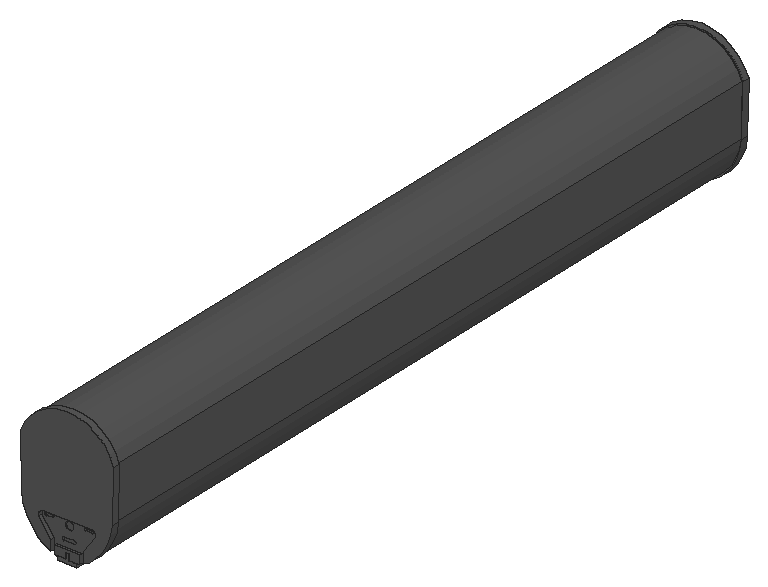
Revit family "Electronics_Desono_Biamp_Column-Line-Source-Loudspeaker_ENT-LF", category Communication Devices, host Face, Revit 2020
Family settings
  Host = Face
  Maintain Annotation Orientation = No
  Round Connector Dimension = Use Diameter
  Part Type = Normal
  OmniClass Number = 23.85.10.11.14.14.14
  Cut with Voids When Loaded = No
  Shared = No
  Room Calculation Point = No
Parameters (values of type "ENT-LF B")
  Width = 0' - 5.51181"  # constant formula
  Weight = 25.00 lbf  # constant formula
  URL = "https://www.biamp.com/"
  Typical SPL at 100 feet (30 meters) = "Dependent on LF confguration"  # constant formula
  Transducers = "LF: Six 3.5 drivers with optimized spacing, allows extension of the narrow vertical beamwidth into the lower frequencies"  # constant formula
  Required Accessories = "Digital Signal Processor / 200 Hz High Pass Filter"  # constant formula
  Recommended Amplifers = "600W - 1200W @ 12Ω (85V - 120V)"  # constant formula
  Product data url = "https://www.bimobject.com/biamp/product/ent-lf_desono-column-line-source"
  Product Page URL = "https://www.biamp.com/products/product-families/desono/line-source-loudspeakers#ent-lf"
  Product Documentation Link = "https://downloads.biamp.com/assets/docs/default-source/data-sheets/biamp_data_sheet_desono_ent-fr_ent-lf_may21.pdf"
  Operating Range = "200 Hz - 1.6 kHz"  # constant formula
  Operating Mode = "Passive"  # constant formula
  Operating Environment = "Indoor or outdoor direct exposure"  # constant formula
  Nominal Sensitivity = "90 dB"  # constant formula
  Nominal Maximum SPL (Single unit) = "116 dB"  # constant formula
  Nominal Beamwidth  (H x V) = "Using the LF column (s) enhances vertical pattern control at lower frequencies"  # constant formula
  Model = "ENT-LF B"
  Manufacturer = "Biamp"  # constant formula
  Input Connection = "Top: (1) Dual Banana (male); Bottom: (1) NL4 locking connector; (2) Terminal strip (1) Banana (female) "  # constant formula
  Included Accessories = "(1) T-Bar mounting bracket (1) Input wiring cover (1) Top connector cover"  # constant formula
  Housing Material = Biamp - Plastic - Black
  Height = 3' - 8.44882"  # constant formula
  Grill Material = Biamp - Plastic - Black(Grid)
  Environmental = "IP54 per IEC 60529, designed in accordance with MIL-STD-810G. Included; ABS plastic rain cover with integrated cable inlet and 1 (25.4 mm) knockout for conduit ingress"  # constant formula
  Description = "Desono™ ENT-LF Three-Way, Full-Range Column Line Source Loudspeaker"  # constant formula
  Depth = 0' - 7.3622"  # constant formula
  Default Elevation = 4' - 0"
  Continuous Power Handling Nominal Impedance = "85V, 600W @ 12Ω (2400W Peak)"  # constant formula
  Connector Description = "NL4MP-type jack; 85V 600W 12Ω (2400W peak)"  # constant formula
  Bracket Material = Biamp - Metal - Black
  Baffle Form = "Straight"  # constant formula
Types (3): name | Model | Housing Material | Grill Material | Bracket Material
  (no name) | "ENT-LF B" | Biamp - Plastic - Black | Biamp - Plastic - Black(Grid) | Biamp - Metal - Black
  ENT-LF B | "ENT-LF B" | Biamp - Plastic - Black | Biamp - Plastic - Black(Grid) | Biamp - Metal - Black
  ENT-LF W | "ENT-LF W" | Biamp - Plastic - White | Biamp - Plastic - White(Grid) | Biamp - Metal - White
Reference planes (in)
  plane 1 "Center (Front/Back)": y = 0
  plane 2: z = 0
  plane 3 "Center (Left/Right)": x = 0
Forms (in)
  Extrusion 1, solid, material "Biamp - Plastic - Black" <- "Housing Material", detail levels coarse
    sketch origin (0, 0, 0) x (1, 0, 0) y (0, 0, 1)
      loop
        arc (2.54493, 5.73723) -> (0, 7.55118) -> (-2.54493, 5.73723) r 2.69221
        line (-2.54493, 5.73723) -> (-2.48425, 2.8216)
        arc (-2.48425, 2.8216) -> (-2.19296, 1.76283) -> (-1.56913, 0.85912) r 3.28649
        arc (-1.56913, 0.85912) -> (-0.89698, 0.38897) -> (-0.099, 0.19909) r 2.19002
        line (-0.099, 0.19909) -> (-0.099, 0.51432) -> (0.099, 0.51432) -> (0.099, 0.19909)
        arc (0.099, 0.19909) -> (0.89698, 0.38897) -> (1.56913, 0.85912) r 2.19002
        arc (1.56913, 0.85912) -> (2.19296, 1.76283) -> (2.48425, 2.8216) r 3.28649
        line (2.48425, 2.8216) -> (2.54493, 5.73723)
    from -22.22441 to 22.22441
  Extrusion 2, solid, material "Biamp - Metal - Black" <- "Bracket Material"
    sketch origin (0, 0, 0) x (1, 0, 0) y (0, 0, 1)
      loop
        line (-0.54134, 0) -> (0, 0) -> (0.54134, 0) -> (0.54134, 0.19685) -> (0.099, 0.19685) -> (0.099, 0.51432) -> (0, 0.51432) -> (-0.099, 0.51432) -> (-0.099, 0.19685) -> (-0.54134, 0.19685) -> (-0.54134, 0)
    from -22.22441 to 22.22441
  Extrusion 3, solid, material "Biamp - Plastic - Black" <- "Housing Material", detail levels medium+fine
    sketch origin (0, 0, 0) x (1, 0, 0) y (0, 0, 1)
      loop
        line (-0.099, 0.51432) -> (0.099, 0.51432) -> (0.099, 0.19685) -> (0.59252, 0.19685)
        arc (0.59252, 0.19685) -> (1.14986, 0.43109) -> (1.62555, 0.8042) r 2.26876
        arc (1.62555, 0.8042) -> (2.26499, 1.73099) -> (2.56291, 2.81684) r 3.36523
        line (2.56291, 2.81684) -> (2.62394, 5.74953)
        arc (2.62394, 5.74953) -> (0, 7.62992) -> (-2.62394, 5.74953) r 2.77095
        line (-2.62394, 5.74953) -> (-2.56291, 2.81684)
        arc (-2.56291, 2.81684) -> (-2.26499, 1.73099) -> (-1.62555, 0.8042) r 3.36523
        arc (-1.62555, 0.8042) -> (-1.14986, 0.43109) -> (-0.59252, 0.19685) r 2.26876
        line (-0.59252, 0.19685) -> (-0.099, 0.19685) -> (-0.099, 0.51432)
    from 21.85039 to 22.22441
  Extrusion 4, solid, material "Biamp - Plastic - Black" <- "Housing Material", detail levels medium+fine
    sketch origin (0, 0, 0) x (1, 0, 0) y (0, 0, 1)
      loop
        line (-0.099, 0.51432) -> (0.099, 0.51432) -> (0.099, 0.19685) -> (0.59252, 0.19685)
        arc (0.59252, 0.19685) -> (1.14986, 0.43109) -> (1.62555, 0.8042) r 2.26876
        arc (1.62555, 0.8042) -> (2.26499, 1.73099) -> (2.56291, 2.81684) r 3.36523
        line (2.56291, 2.81684) -> (2.62394, 5.74953)
        arc (2.62394, 5.74953) -> (0, 7.62992) -> (-2.62394, 5.74953) r 2.77095
        line (-2.62394, 5.74953) -> (-2.56291, 2.81684)
        arc (-2.56291, 2.81684) -> (-2.26499, 1.73099) -> (-1.62555, 0.8042) r 3.36523
        arc (-1.62555, 0.8042) -> (-1.14986, 0.43109) -> (-0.59252, 0.19685) r 2.26876
        line (-0.59252, 0.19685) -> (-0.099, 0.19685) -> (-0.099, 0.51432)
    from -22.22441 to -21.85039
  Extrusion 5, solid, material "Biamp - Plastic - Black" <- "Housing Material", detail levels medium+fine
    sketch origin (0, 0, 0) x (1, 0, 0) y (0, 0, 1)
      loop
        line (2.54493, 5.73723) -> (-2.54493, 5.73723) -> (-2.48425, 2.8216)
        arc (-2.48425, 2.8216) -> (-2.19296, 1.76283) -> (-1.56913, 0.85912) r 3.28649
        arc (-1.56913, 0.85912) -> (-0.89698, 0.38897) -> (-0.099, 0.19909) r 2.19002
        line (-0.099, 0.19909) -> (-0.099, 0.51432) -> (0.099, 0.51432) -> (0.099, 0.19909)
        arc (0.099, 0.19909) -> (0.89698, 0.38897) -> (1.56913, 0.85912) r 2.19002
        arc (1.56913, 0.85912) -> (2.19296, 1.76283) -> (2.48425, 2.8216) r 3.28649
        line (2.48425, 2.8216) -> (2.54493, 5.73723)
    from -21.85039 to 21.85039
  Extrusion 6, solid, material "Biamp - Plastic - Black(Grid)" <- "Grill Material", detail levels medium+fine
    sketch origin (0, 0, 0) x (1, 0, 0) y (0, 0, 1)
      loop
        line (-2.54493, 5.73723) -> (-2.3357, 5.73723)
        arc (-2.3357, 5.73723) -> (0, 7.35433) -> (2.3357, 5.73723) r 2.49536
        line (2.3357, 5.73723) -> (2.54493, 5.73723)
        arc (2.54493, 5.73723) -> (0, 7.55118) -> (-2.54493, 5.73723) r 2.69221
    from -21.85039 to 21.85039
  Extrusion 7, void
    sketch origin (0, -22.22441, 0) x (-1, 0, 0) y (0, 0, 1)
      loop
        line (0.91846, 0.26312) -> (0.91846, 0.90288) -> (1.58512, 1.85251) -> (1.58512, 2.04936) -> (1.44593, 2.18855) -> (-1.44593, 2.18855) -> (-1.58512, 2.04936) -> (-1.58512, 1.85251) -> (-0.91846, 0.90288) -> (-0.91846, 0.26312)
        arc (-0.91846, 0.26312) -> (-0.81826, 0.22159) -> (-0.71619, 0.18491) r 2.26876
        line (-0.71619, 0.18491) -> (-0.71619, 0.6821) -> (0.71619, 0.6821) -> (0.71619, 0.18491)
        arc (0.71619, 0.18491) -> (0.81826, 0.22159) -> (0.91846, 0.26312) r 2.26876
    from 0 to 0.19685
  Extrusion 8, void
    sketch origin (0, -22.22441, 0) x (-1, 0, 0) y (0, 0, 1)
      loop
        circle (0, 1.81399) r 0.23622
      loop
        arc (1.30413, 1.88289) -> (1.38287, 1.96163) -> (1.30413, 2.04037) r 0.07874
        line (1.30413, 2.04037) -> (0.91043, 2.04037)
        arc (0.91043, 2.04037) -> (0.83169, 1.96163) -> (0.91043, 1.88289) r 0.07874
        line (0.91043, 1.88289) -> (1.30413, 1.88289)
      loop
        line (-0.27067, 0.9577) -> (0.27067, 0.9577)
        arc (0.27067, 0.9577) -> (0.38878, 1.07581) -> (0.27067, 1.19392) r 0.11811
        line (0.27067, 1.19392) -> (-0.27067, 1.19392)
        arc (-0.27067, 1.19392) -> (-0.38878, 1.07581) -> (-0.27067, 0.9577) r 0.11811
      loop
        arc (-0.91043, 1.88289) -> (-0.83169, 1.96163) -> (-0.91043, 2.04037) r 0.07874
        line (-0.91043, 2.04037) -> (-1.30413, 2.04037)
        arc (-1.30413, 2.04037) -> (-1.38287, 1.96163) -> (-1.30413, 1.88289) r 0.07874
        line (-1.30413, 1.88289) -> (-0.91043, 1.88289)
    from 0.19685 to 0.23597
  Extrusion 9, void
    sketch origin (0, -22.22441, 0) x (-1, 0, 0) y (0, 0, 1)
      loop
        arc (-0.27067, 1.19392) -> (-0.38878, 1.07581) -> (-0.27067, 0.9577) r 0.11811
        line (-0.27067, 0.9577) -> (0.27067, 0.9577)
        arc (0.27067, 0.9577) -> (0.38878, 1.07581) -> (0.27067, 1.19392) r 0.11811
        line (0.27067, 1.19392) -> (-0.27067, 1.19392)
    from 44.41675 to 44.63386
Cuts and joins
  Extrusion 7, Extrusion 8, Extrusion 9 cuts Extrusion 1
  Extrusion 7, Extrusion 8, Extrusion 9 cuts Extrusion 3
  Extrusion 7 cuts Extrusion 5
  Extrusion 9 cuts Extrusion 4
Lines and regions (in)
  Masking region 1
    outline origin (0, 0, 0) x (1, 0, 0) y (0, 1, 0)
      loop
        line (-2.62394, 22.22441) -> (-2.62394, 21.85039) -> (2.62394, 21.85039) -> (2.62394, 22.22441) -> (-2.62394, 22.22441)
      loop
        line (-2.62394, -21.85039) -> (-2.62394, -22.22441) -> (2.62394, -22.22441) -> (2.62394, -21.85039) -> (-2.62394, -21.85039)
  Masking region 2
    outline origin (0, 0, 0) x (1, 0, 0) y (0, 1, 0)
      loop
        line (2.56291, -21.85039) -> (2.56291, 21.85039) -> (-2.54493, 21.85039) -> (-2.54493, -21.85039) -> (2.56291, -21.85039)
  Masking region 3
    outline origin (0, 0, 0) x (1, 0, 0) y (0, 0, 1)
      loop
        line (-2.62394, 5.74953) -> (-2.56291, 2.81684)
        arc (-2.56291, 2.81684) -> (-2.26499, 1.73099) -> (-1.62555, 0.8042) r 3.36523
        arc (-1.62555, 0.8042) -> (-1.14986, 0.43109) -> (-0.59252, 0.19685) r 2.26876
        line (-0.59252, 0.19685) -> (-0.099, 0.19685) -> (-0.099, 0.51432) -> (0.099, 0.51432) -> (0.099, 0.19685) -> (0.59252, 0.19685)
        arc (0.59252, 0.19685) -> (1.14986, 0.43109) -> (1.62555, 0.8042) r 2.26876
        arc (1.62555, 0.8042) -> (2.26499, 1.73099) -> (2.56291, 2.81684) r 3.36523
        line (2.56291, 2.81684) -> (2.62394, 5.74953)
        arc (2.62394, 5.74953) -> (0, 7.62992) -> (-2.62394, 5.74953) r 2.77095
  Masking region 4
    outline origin (0, 0, 0) x (1, 0, 0) y (0, 0, 1)
      loop
        line (-0.54134, 0.19685) -> (-0.54134, 0) -> (0, 0) -> (0.54134, 0) -> (0.54134, 0.19685) -> (0.099, 0.19685) -> (0.099, 0.51432) -> (0, 0.51432) -> (-0.099, 0.51432) -> (-0.099, 0.19685) -> (-0.54134, 0.19685)
Dimensions and locks (in)
  aligned and locked: plane 2 to host face
  aligned and locked: level to host face
Connectors (in)
  electrical at (-1.10728, -21.98844, 1.96163)
    settings: on cut or joined group of Extrusion 1, Extrusion 7, Extrusion 8, Extrusion 9, index 1, voltage 0 V, apparent load 0 VA, apparent load phase1 0 VA, apparent load phase2 0 VA, apparent load phase3 0 VA, power factor 1, load classification "Other", number of poles 1, system type 5, power factor state 1, is connector primary yes, connector utility no, sub classification motor no, connector description "Barrier strip; Input to loudspeaker"
  electrical at (0, -21.98844, 1.81399), driven by "Connector Description"
    settings: on cut or joined group of Extrusion 1, Extrusion 7, Extrusion 8, Extrusion 9, index 2, voltage 0 V, apparent load 0 VA, apparent load phase1 0 VA, apparent load phase2 0 VA, apparent load phase3 0 VA, power factor 1, load classification "Other", number of poles 1, system type 5, power factor state 1, is connector primary no, connector utility no, sub classification motor no, connector description "NL4MP-type jack; 85V 600W 12Ω (2400W peak)"
  electrical at (1.10728, -21.98844, 1.96163)
    settings: on cut or joined group of Extrusion 1, Extrusion 7, Extrusion 8, Extrusion 9, index 3, voltage 0 V, apparent load 0 VA, apparent load phase1 0 VA, apparent load phase2 0 VA, apparent load phase3 0 VA, power factor 1, load classification "Other", number of poles 1, system type 5, power factor state 1, is connector primary no, connector utility no, sub classification motor no, connector description "Barrier strip; Output to another loudspeaker"
  electrical at (0, -21.98844, 1.07581)
    settings: on cut or joined group of Extrusion 1, Extrusion 7, Extrusion 8, Extrusion 9, index 4, voltage 0 V, apparent load 0 VA, apparent load phase1 0 VA, apparent load phase2 0 VA, apparent load phase3 0 VA, power factor 1, load classification "Other", number of poles 1, system type 5, power factor state 1, is connector primary no, connector utility no, sub classification motor no, connector description "Dual Banana jack (female); Input to loudspeaker"
  electrical at (0, 22.19234, 1.07581)
    settings: on cut or joined group of Extrusion 1, Extrusion 7, Extrusion 8, Extrusion 9, index 5, voltage 0 V, apparent load 0 VA, apparent load phase1 0 VA, apparent load phase2 0 VA, apparent load phase3 0 VA, power factor 1, load classification "Other", number of poles 1, system type 5, power factor state 1, is connector primary no, connector utility no, sub classification motor no, connector description "Dual Banana jack (male); Output to another loudspeaker"
